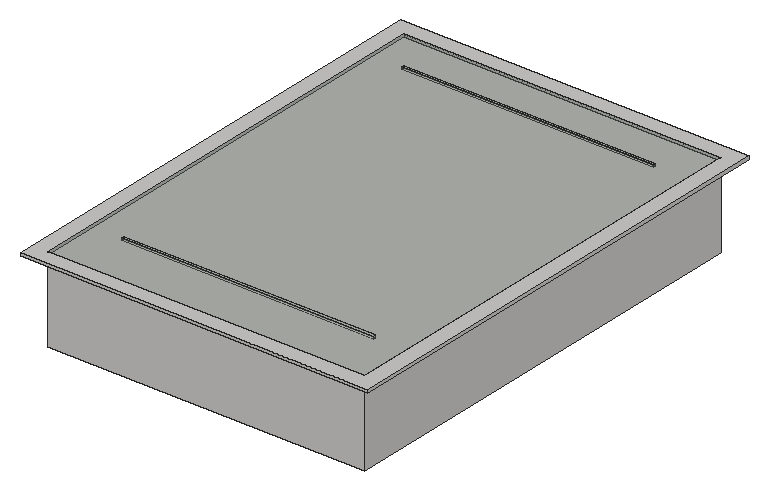
Revit family "VI422613", category Generic Models, Revit 2014
Parameters (values of type "VI422613")
  Width = 380 mm
  URL = "http://www.gaggenau.com."
  Model = "VI422613"
  Manufacturer = "Gaggenau"
  Height = 93 mm
  Unit = Metal Panel
  Glass = Glass, Green
  Description = "Gaggenau 400 Series 15\" Vario Induction Cooktop, 1 Flex Induction Zone, Home Connect"
  Depth = 520 mm
Reference planes
  plane 1 "Center (Front/Back)": y = 0
  plane 2: z = 0
  plane 3 "Center (Left/Right)": x = 0
  plane 4: x = -190
  plane 5: x = 190
  plane 6: y = 260
  plane 7: y = -260
  plane 8: z = 93
  plane 9: z = 90
Forms (mm)
  Extrusion 1, solid, material "Metal Panel" <- "Unit"
    sketch origin (0, 0, 0) x (1, 0, 0) y (0, 1, 0)
      loop
        line (-190, 260) -> (-190, -260) -> (190, -260) -> (190, 260) -> (-190, 260)
      loop
        line (173, 243) -> (-173, 243) -> (-173, -243) -> (173, -243) -> (173, 243)
    from 90 to 93
  Extrusion 2, solid, material "Metal Panel" <- "Unit"
    sketch origin (0, 0, 0) x (1, 0, 0) y (0, 1, 0)
      loop
        line (-173, 243) -> (-173, -243) -> (173, -243) -> (173, 243) -> (-173, 243)
    from 0 to 90
  Extrusion 3, solid, material "Glass, Green" <- "Glass"
    sketch origin (0, 0, 0) x (1, 0, 0) y (0, 1, 0)
      loop
        line (-138.572, 199.903) -> (-138.572, 197.196) -> (136.428, 197.196) -> (136.428, 199.903) -> (-138.572, 199.903)
      loop
        line (-138.572, -184.903) -> (136.428, -184.903) -> (136.428, -182.196) -> (-138.572, -182.196) -> (-138.572, -184.903)
      loop
        line (173, 243) -> (-173, 243) -> (-173, -243) -> (173, -243) -> (173, 243)
    from 90 to 93
Dimensions and locks
  equal spacing: plane 4, plane 3 "Center (Left/Right)", plane 5
  equal spacing: plane 6, plane 1 "Center (Front/Back)", plane 7
  "Width": plane 4 to plane 5
  "Depth": plane 6 to plane 7
  "Height": plane 8 to plane 2
  plane 8 to plane 9 = 3 mm
  aligned and locked: level to plane 2
Automatic sketch dimensions
  plane 4 to Extrusion 2 sketch curve = 17 mm
  plane 5 to Extrusion 2 sketch curve = 17 mm
  Extrusion 2 sketch curve to plane 7 = 17 mm
  Extrusion 2 sketch curve to plane 6 = 17 mm
  Extrusion 1 sketch curve to plane 4 = 0 mm
  Extrusion 1 sketch curve to plane 5 = 0 mm
  plane 7 to Extrusion 1 sketch curve = 0 mm
  Extrusion 1 sketch curve to plane 6 = 0 mm
  plane 4 to Extrusion 3 sketch curve = 51.428 mm  (x2)
  plane 5 to Extrusion 3 sketch curve = 53.572 mm  (x2)
  Extrusion 3 sketch curve to plane 7 = 75.097 mm
  Extrusion 3 sketch curve to Extrusion 3 sketch curve = 2.707 mm  (x2)
  Extrusion 3 sketch curve to plane 6 = 62.804 mm
  plane 4 to Extrusion 3 sketch curve = 17 mm
  plane 5 to Extrusion 3 sketch curve = 17 mm
  Extrusion 3 sketch curve to plane 7 = 17 mm
  Extrusion 3 sketch curve to plane 6 = 17 mm
  plane 4 to Extrusion 1 sketch curve = 17 mm
  plane 5 to Extrusion 1 sketch curve = 17 mm
  Extrusion 1 sketch curve to plane 7 = 17 mm
  Extrusion 1 sketch curve to plane 6 = 17 mm
